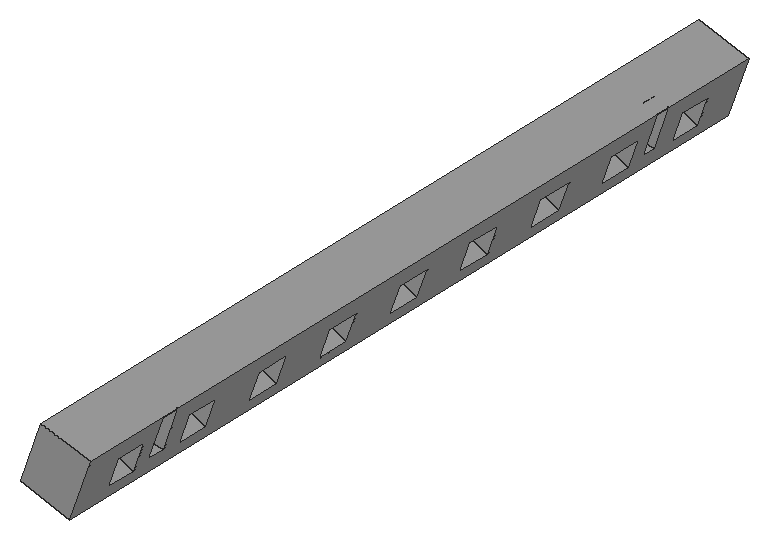
Revit family "凹右004", category 常规模型, Revit 2022
Family settings
  可将钢筋附着到主体 = 否
  圆形连接件大小 = 使用直径
  零件类型 = 标准
  基于工作平面 = 否
  总是垂直 = 是
  加载时剪切的空心 = 否
  保持注释方向 = 否
  共享 = 否
  房间计算点 = 否
Parameters
  默认高程 = 0 mm
Reference planes
  plane 1 "中心(前/后)": y = 0
  plane 2: z = 0
  plane 3 "中心(左/右)": x = 0
Forms (mm)
  Extrusion 1, solid, material "杉木"
    sketch origin (4596.377, 3695.814, 2034.43) x (-0.945519, 0, 0.325568) y (-0.325568, 0, -0.945519)
      loop
        line (-6114.706, 550.294) -> (-6474.706, 550.294) -> (-6474.706, 130.294) -> (-6114.706, 130.294) -> (-6114.706, 550.294)
    from -700 to 4900
  Extrusion 2, void
    sketch origin (0, 0, 0) x (1, 0, 0) y (0, 0, 1)
      loop
        line (10259.489, -278.185) -> (10348.047, -278.185) -> (10345.308, -135.551) -> (10305.308, -135.551) -> (10259.489, -278.185)
    from 752.311 to 852.311
  Extrusion 3, void
    sketch origin (0, 598.125, 0) x (1, 0, 0) y (0, 0, 1)
      loop
        line (10259.489, -278.185) -> (10348.047, -278.185) -> (10345.308, -135.551) -> (10305.308, -135.551) -> (10259.489, -278.185)
    from 750.436 to 850.436
  Extrusion 4, void
    sketch origin (0, 1198.125, 0) x (1, 0, 0) y (0, 0, 1)
      loop
        line (10259.489, -278.185) -> (10348.047, -278.185) -> (10345.308, -135.551) -> (10305.308, -135.551) -> (10259.489, -278.185)
    from 750.436 to 850.436
  Extrusion 5, void
    sketch origin (0, 1798.125, 0) x (1, 0, 0) y (0, 0, 1)
      loop
        line (10259.489, -278.185) -> (10348.047, -278.185) -> (10345.308, -135.551) -> (10305.308, -135.551) -> (10259.489, -278.185)
    from 750.436 to 850.436
  Extrusion 6, void
    sketch origin (0, 2398.125, 0) x (1, 0, 0) y (0, 0, 1)
      loop
        line (10259.489, -278.185) -> (10348.047, -278.185) -> (10345.308, -135.551) -> (10305.308, -135.551) -> (10259.489, -278.185)
    from 750.436 to 850.436
  Extrusion 7, void
    sketch origin (0, 2998.125, 0) x (1, 0, 0) y (0, 0, 1)
      loop
        line (10259.489, -278.185) -> (10348.047, -278.185) -> (10345.308, -135.551) -> (10305.308, -135.551) -> (10259.489, -278.185)
    from 750.436 to 850.436
  Extrusion 8, void
    sketch origin (0, 3598.125, 0) x (1, 0, 0) y (0, 0, 1)
      loop
        line (10259.489, -278.185) -> (10348.047, -278.185) -> (10345.308, -135.551) -> (10305.308, -135.551) -> (10259.489, -278.185)
    from 750.436 to 850.436
  Extrusion 9, void
    sketch origin (0, 4198.125, 0) x (1, 0, 0) y (0, 0, 1)
      loop
        line (10259.489, -278.185) -> (10348.047, -278.185) -> (10345.308, -135.551) -> (10305.308, -135.551) -> (10259.489, -278.185)
    from 750.436 to 850.436
  Extrusion 10, void
    sketch origin (0, 4798.125, 0) x (1, 0, 0) y (0, 0, 1)
      loop
        line (10259.489, -278.185) -> (10348.047, -278.185) -> (10345.308, -135.551) -> (10305.308, -135.551) -> (10259.489, -278.185)
    from 750.436 to 850.436
  Extrusion 11, void
    sketch origin (0, 0, 0) x (1, 0, 0) y (0, 0, 1)
      loop
        line (10635.811, -314.331) -> (10557.257, -276.018) -> (10461.089, -457.556) -> (10566.909, -514.439) -> (10635.811, -314.331)
    from 701.508 to 917.777
  Extrusion 12, void
    sketch origin (0, 603.59, 0) x (1, 0, 0) y (0, 0, 1)
      loop
        line (10635.811, -314.331) -> (10557.257, -276.018) -> (10461.089, -457.556) -> (10566.909, -514.439) -> (10635.811, -314.331)
    from 685.977 to 918.934
  Extrusion 13, void
    sketch origin (0, 1194.859, 0) x (1, 0, 0) y (0, 0, 1)
      loop
        line (10635.811, -314.331) -> (10557.257, -276.018) -> (10461.089, -457.556) -> (10566.909, -514.439) -> (10635.811, -314.331)
    from 676.31 to 919.126
  Extrusion 14, void
    sketch origin (0, 1791.128, 0) x (1, 0, 0) y (0, 0, 1)
      loop
        line (10635.811, -314.331) -> (10557.257, -276.018) -> (10461.089, -457.556) -> (10566.909, -514.439) -> (10635.811, -314.331)
    from 681.186 to 917.777
  Extrusion 15, void
    sketch origin (0, 2397.397, 0) x (1, 0, 0) y (0, 0, 1)
      loop
        line (10635.811, -314.331) -> (10557.257, -276.018) -> (10461.089, -457.556) -> (10566.909, -514.439) -> (10635.811, -314.331)
    from 682.263 to 920.672
  Extrusion 16, void
    sketch origin (0, 2988.59, 0) x (1, 0, 0) y (0, 0, 1)
      loop
        line (10635.811, -314.331) -> (10557.257, -276.018) -> (10461.089, -457.556) -> (10566.909, -514.439) -> (10635.811, -314.331)
    from 676.752 to 916.984
  Extrusion 17, void
    sketch origin (0, 3593.59, 0) x (1, 0, 0) y (0, 0, 1)
      loop
        line (10635.811, -314.331) -> (10557.257, -276.018) -> (10461.089, -457.556) -> (10566.909, -514.439) -> (10635.811, -314.331)
    from 670.295 to 921.798
  Extrusion 18, void
    sketch origin (0, 4198.59, 0) x (1, 0, 0) y (0, 0, 1)
      loop
        line (10635.811, -314.331) -> (10557.257, -276.018) -> (10461.089, -457.556) -> (10566.909, -514.439) -> (10635.811, -314.331)
    from 682.445 to 918.935
  Extrusion 19, void
    sketch origin (0, 4798.59, 0) x (1, 0, 0) y (0, 0, 1)
      loop
        line (10635.811, -314.331) -> (10557.257, -276.018) -> (10461.089, -457.556) -> (10566.909, -514.439) -> (10635.811, -314.331)
    from 699.143 to 915.257
  Extrusion 20, void
    sketch origin (0, 0, 0) x (1, 0, 0) y (0, 0, 1)
      loop
        line (10578.269, -481.549) -> (10675.912, -197.974) -> (10521.236, -152.317) -> (10456.746, -455.719) -> (10578.269, -481.549)
    from 459.681 to 589.681
  Extrusion 21, void
    sketch origin (0, 4247.293, 0) x (1, 0, 0) y (0, 0, 1)
      loop
        line (10578.269, -481.549) -> (10675.912, -197.974) -> (10572.292, -167.388) -> (10508.66, -466.753) -> (10578.269, -481.549)
    from 526.87 to 626.87
Cuts and joins
  Extrusion 2, Extrusion 3, Extrusion 4, Extrusion 5, Extrusion 6, Extrusion 7, Extrusion 8, Extrusion 9, Extrusion 10, Extrusion 11, Extrusion 12, Extrusion 13, Extrusion 14, Extrusion 15, Extrusion 16, Extrusion 17, Extrusion 18, Extrusion 19, Extrusion 20, Extrusion 21 cuts Extrusion 1
Dimensions and locks
  aligned and locked: level to plane 2
